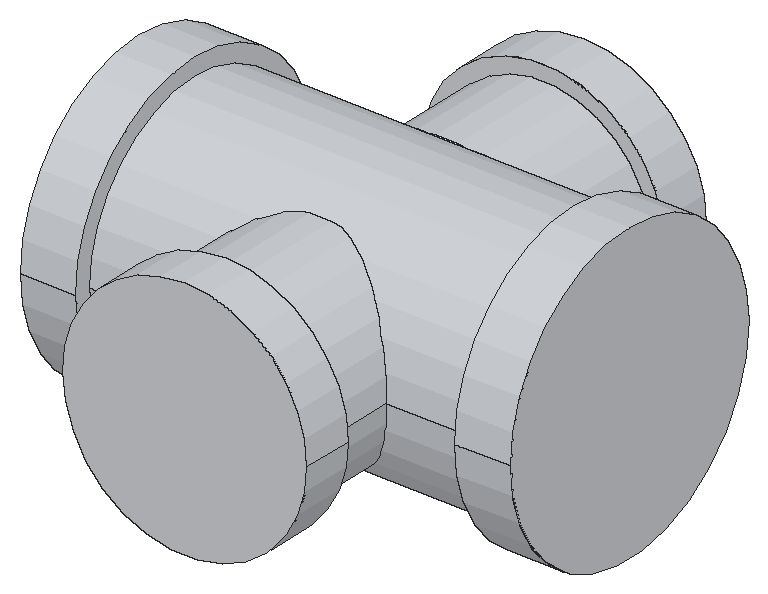
Revit family "变径四通 - 螺纹 - 可锻铸铁 - 150 磅级", category 管件, Revit 2020
Family settings
  圆形连接件大小 = 使用半径
  零件类型 = 四通
  基于工作平面 = 否
  总是垂直 = 是
  加载时剪切的空心 = 否
  共享 = 否
Parameters (values of type "标准")
  默认高程 = 0 mm
  记号尺寸 4 [instance] = 管件外径 4 * 0.4  # 10.656 mm
  记号尺寸 3 [instance] = 管件外径 3 * 0.4  # 10.656 mm
  记号尺寸 2 [instance] = 管件外径 2 * 0.4  # 13.12 mm
  记号尺寸 1 [instance] = 管件外径 1 * 0.4  # 13.12 mm
  最大扎带外半径 12 [instance] = if(扎带外半径 1 > 扎带外半径 2, 扎带外半径 1, 扎带外半径 2)  # 18.5 mm
  公称半径 4 [instance] = 7.5 mm
  公称半径 3 [instance] = 7.5 mm
  公称半径 2 [instance] = 10 mm
  公称半径 1 [instance] = 10 mm
  公称直径 4 [instance] = 公称半径 4 * 2  # 15 mm
  公称直径 3 [instance] = 公称半径 3 * 2  # 15 mm
  公称直径 2 [instance] = 公称半径 2 * 2  # 20 mm
  公称直径 1 [instance] = 公称半径 1 * 2  # 20 mm
  金属厚度 4 [instance] = size_lookup(查找表格名, "MThk", 0.04 * 公称直径 4 + 2.183 mm, 公称直径 4)  # 2.67 mm
  金属厚度 3 [instance] = size_lookup(查找表格名, "MThk", 0.04 * 公称直径 3 + 2.183 mm, 公称直径 3)  # 2.67 mm
  金属厚度 2 [instance] = size_lookup(查找表格名, "MThk", 0.04 * 公称直径 2 + 2.183 mm, 公称直径 2)  # 3.05 mm
  金属厚度 1 [instance] = size_lookup(查找表格名, "MThk", 0.04 * 公称直径 1 + 2.183 mm, 公称直径 1)  # 3.05 mm
  查找表格名 = "M_Cross Reducing - Threaded - MI - Class 150"
  长度 2 [instance] = 长度标签 3 - 扎带宽度 4  # 24.7 mm
  长度 1 [instance] = 长度标签 2 - 扎带宽度 3  # 24.7 mm
  长度标签 3 [instance] = if(not(角度 2 = 90.00°), if(not(中心到端点 2 < C4 长度 4), 中心到端点 2, C4 长度 4), 中心到端点 2)  # 31 mm
  长度标签 2 [instance] = if(not(角度 1 = 90.00°), if(not(中心到端点 2 < C3 长度 4), 中心到端点 2, C3 长度 4), 中心到端点 2)  # 31 mm
  长度标签 1 [instance] = if(or(not(角度 1 = 90.00°), not(角度 2 = 90.00°)), if(not(中心到端点 1 < C1 长度 9), 中心到端点 1, C1 长度 9), 中心到端点 1)  # 30.5 mm
  C4 长度 4 [instance] = if(角度 2 < 90.00°, C4 长度 1, if(角度 2 = 90.00°, C4 长度 2, C4 长度 3))  # 37.3 mm
  C4 长度 3 [instance] = if(角度 2 > 90.00°, 最大扎带外半径 12 / sin(180.00° - 角度 2) + 扎带外半径 4 / tan(180.00° - 角度 2), 0 mm) + 扎带宽度 4  # 6.3 mm
  C4 长度 2 [instance] = if(角度 2 = 90.00°, 中心到端点 2, 0 mm) + 扎带宽度 4  # 37.3 mm
  C4 长度 1 [instance] = if(角度 2 < 90.00°, 最大扎带外半径 12 / sin(角度 2) + 扎带外半径 4 / tan(角度 2), 0 mm) + 扎带宽度 4  # 6.3 mm
  C3 长度 4 [instance] = if(角度 1 < 90.00°, C3 长度 1, if(角度 1 = 90.00°, C3 长度 2, C3 长度 3))  # 37.3 mm
  C3 长度 3 [instance] = if(角度 1 > 90.00°, 最大扎带外半径 12 / sin(180.00° - 角度 1) + 扎带外半径 3 / tan(180.00° - 角度 1), 0 mm) + 扎带宽度 3  # 6.3 mm
  C3 长度 2 [instance] = if(角度 1 = 90.00°, 中心到端点 2, 0 mm) + 扎带宽度 3  # 37.3 mm
  C3 长度 1 [instance] = if(角度 1 < 90.00°, 最大扎带外半径 12 / sin(角度 1) + 扎带外半径 3 / tan(角度 1), 0 mm) + 扎带宽度 3  # 6.3 mm
  C1 长度 9 [instance] = if(C1 长度 8 > C1 长度 4, C1 长度 8, C1 长度 4)  # 37.4 mm
  C1 长度 8 [instance] = if(角度 2 < 90.00°, C1 长度 5, if(角度 2 = 90.00°, C1 长度 6, C1 长度 7))  # 37.4 mm
  C1 长度 7 [instance] = if(角度 2 > 90.00°, 最大扎带外半径 12 / tan(180.00° - 角度 2) + 扎带外半径 4 / sin(180.00° - 角度 2), 0 mm) + 最大扎带宽度 12  # 6.9 mm
  C1 长度 6 [instance] = if(角度 2 = 90.00°, 中心到端点 1, 0 mm) + 最大扎带宽度 12  # 37.4 mm
  C1 长度 5 [instance] = if(角度 2 < 90.00°, 最大扎带外半径 12 / tan(角度 2) + 扎带外半径 4 / sin(角度 2), 0 mm) + 最大扎带宽度 12  # 6.9 mm
  C1 长度 4 [instance] = if(角度 1 < 90.00°, C1 长度 1, if(角度 1 = 90.00°, C1 长度 2, C1 长度 3))  # 37.4 mm
  C1 长度 3 [instance] = if(角度 1 > 90.00°, 最大扎带外半径 12 / tan(180.00° - 角度 1) + 扎带外半径 3 / sin(180.00° - 角度 1), 0 mm) + 最大扎带宽度 12  # 6.9 mm
  C1 长度 2 [instance] = if(角度 1 = 90.00°, 中心到端点 1, 0 mm) + 最大扎带宽度 12  # 37.4 mm
  C1 长度 1 [instance] = if(角度 1 < 90.00°, 最大扎带外半径 12 / tan(角度 1) + 扎带外半径 3 / sin(角度 1), 0 mm) + 最大扎带宽度 12  # 6.9 mm
  管件外半径 4 [instance] = 管件外径 4 / 2  # 13.32 mm
  管件外半径 3 [instance] = 管件外径 3 / 2  # 13.32 mm
  管件外半径 2 [instance] = 管件外径 2 / 2  # 16.4 mm
  管件外半径 1 [instance] = 管件外径 1 / 2  # 16.4 mm
  管件外径 4 [instance] = 管件内径 4 + 金属厚度 4 * 2  # 26.64 mm
  管件外径 3 [instance] = 管件内径 3 + 金属厚度 3 * 2  # 26.64 mm
  管件外径 2 [instance] = 管件内径 2 + 金属厚度 2 * 2  # 32.8 mm
  管件外径 1 [instance] = 管件内径 1 + 金属厚度 1 * 2  # 32.8 mm
  管件内径 4 [instance] = size_lookup(查找表格名, "FID", 1.08 * 公称直径 4 + 5.159 mm, 公称直径 4)  # 21.3 mm
  管件内径 3 [instance] = size_lookup(查找表格名, "FID", 1.08 * 公称直径 3 + 5.159 mm, 公称直径 3)  # 21.3 mm
  管件内径 2 [instance] = size_lookup(查找表格名, "FID", 1.08 * 公称直径 2 + 5.159 mm, 公称直径 2)  # 26.7 mm
  管件内径 1 [instance] = size_lookup(查找表格名, "FID", 1.08 * 公称直径 1 + 5.159 mm, 公称直径 1)  # 26.7 mm
  最大公称直径 34 [instance] = if(公称直径 3 > 公称直径 4, 公称直径 3, 公称直径 4)  # 15 mm
  最大公称直径 12 [instance] = if(公称直径 1 > 公称直径 2, 公称直径 1, 公称直径 2)  # 20 mm
  中心到端点 2 [instance] = size_lookup(查找表格名, "CtE2", 18.157 mm + 0.55 * 最大公称直径 12 + 0.24 * 最大公称直径 34, 公称直径 1, 公称直径 2, 公称直径 3, 公称直径 4)  # 31 mm
  中心到端点 1 [instance] = size_lookup(查找表格名, "CtE1", 18.157 mm + 0.24 * 最大公称直径 12 + 0.55 * 最大公称直径 34, 公称直径 1, 公称直径 2, 公称直径 3, 公称直径 4)  # 30.5 mm
  最大扎带宽度 12 [instance] = if(扎带宽度 1 > 扎带宽度 2, 扎带宽度 1, 扎带宽度 2)  # 6.9 mm
  扎带宽度 4 [instance] = size_lookup(查找表格名, "BWid", 0.12 * 公称直径 4 + 4.465 mm, 公称直径 4)  # 6.3 mm
  扎带宽度 3 [instance] = size_lookup(查找表格名, "BWid", 0.12 * 公称直径 3 + 4.465 mm, 公称直径 3)  # 6.3 mm
  扎带宽度 2 [instance] = size_lookup(查找表格名, "BWid", 0.12 * 公称直径 2 + 4.465 mm, 公称直径 2)  # 6.9 mm
  扎带宽度 1 [instance] = size_lookup(查找表格名, "BWid", 0.12 * 公称直径 1 + 4.465 mm, 公称直径 1)  # 6.9 mm
  扎带外半径 4 [instance] = 扎带外径 4 / 2  # 15.2 mm
  扎带外半径 3 [instance] = 扎带外径 3 / 2  # 15.2 mm
  扎带外半径 2 [instance] = 扎带外径 2 / 2  # 18.5 mm
  扎带外半径 1 [instance] = 扎带外径 1 / 2  # 18.5 mm
  扎带外径 4 [instance] = size_lookup(查找表格名, "BOD", 1.23 * 公称直径 4 + 12.402 mm, 公称直径 4)  # 30.4 mm
  扎带外径 3 [instance] = size_lookup(查找表格名, "BOD", 1.23 * 公称直径 3 + 12.402 mm, 公称直径 3)  # 30.4 mm
  扎带外径 2 [instance] = size_lookup(查找表格名, "BOD", 1.23 * 公称直径 2 + 12.402 mm, 公称直径 2)  # 37 mm
  扎带外径 1 [instance] = size_lookup(查找表格名, "BOD", 1.23 * 公称直径 1 + 12.402 mm, 公称直径 1)  # 37 mm
  角度 2 [instance] = 90.00°
  角度 1 [instance] = 90.00°
Reference planes
  plane 1 "中心(前/后)": y = 0
  plane 2: z = 0
  plane 3 "中心(左/右)": x = 0
  plane 4: x = -30.5
  plane 5: x = 30.5
  plane 6: x = -23.6
  plane 7: x = 23.6
  plane 8: y = 13.12
  plane 9: y = -13.12
  plane 10: y = 13.12
  plane 11: y = -13.12
Forms (mm)
  Blend 1, solid, detail levels fine
    base sketch origin (0, 0, 0) x (0, 1, 0) y (0, 0, 1)
      loop
        circle (0, 0) r 16.4
    top sketch origin (0, 0, 0) x (0, 1, 0) y (0, 0, 1)
      loop
        circle (0, 0) r 16.4
    from -23.6 to 23.6
  Sweep 2, solid, detail levels fine
    path in 3D
      loop
        line (-30.5, 0, 0) -> (-23.6, 0, 0)
    profile origin (-27.05, 0, 0) x (0, 1, 0) y (0, 0, 1)
      loop
        circle (0, 0) r 18.5
  Sweep 3, solid, detail levels fine
    path in 3D
      loop
        line (23.6, 0, 0) -> (30.5, 0, 0)
    profile origin (27.05, 0, 0) x (0, 1, 0) y (0, 0, 1)
      loop
        circle (0, 0) r 18.5
  Sweep 4, solid, detail levels fine
    path in 3D
      loop
        line (0, 0, 0) -> (0, -24.7, 0)
    profile origin (0, -12.35, 0) x (1, 0, 0) y (0, 0, 1)
      loop
        circle (0, 0) r 13.32
  Sweep 5, solid, detail levels fine
    path in 3D
      loop
        line (0, -24.7, 0) -> (0, -31, 0)
    profile origin (0, -27.85, 0) x (1, 0, 0) y (0, 0, 1)
      loop
        circle (0, 0) r 15.2
  Sweep 6, solid, detail levels fine
    path in 3D
      loop
        line (0, 0, 0) -> (0, 24.7, 0)
    profile origin (0, 12.35, 0) x (-1, 0, 0) y (0, 0, 1)
      loop
        circle (0, 0) r 13.32
  Sweep 7, solid, detail levels fine
    path in 3D
      loop
        line (0, 24.7, 0) -> (0, 31, 0)
    profile origin (0, 27.85, 0) x (-1, 0, 0) y (0, 0, 1)
      loop
        circle (0, 0) r 15.2
Cuts and joins
  joined: Blend 1, Sweep 2, Sweep 3, Sweep 4, Sweep 5, Sweep 6, Sweep 7
Lines and regions (mm)
  model lines, detail levels coarse+medium
    curve 1: line (-30.5, 0, 0) -> (-23.6, 0, 0)
    curve 2: line (23.6, 0, 0) -> (30.5, 0, 0)
    curve 3: line (-23.6, 0, 0) -> (23.6, 0, 0)
    curve 6: line (0, 0, 0) -> (0, -24.7, 0)
    curve 8: line (0, -24.7, 0) -> (0, -31, 0)
    curve 10: line (0, 0, 0) -> (0, 24.7, 0)
    curve 12: line (0, 24.7, 0) -> (0, 31, 0)
    curve 16: line (-30.5, 13.12, 0) -> (-30.5, -13.12, 0)
    curve 17: line (30.5, 13.12, 0) -> (30.5, -13.12, 0)
    curve 18: line (0, -31, 0) -> (10.656, -31, 0)
    curve 19: line (0, -31, 0) -> (-10.656, -31, 0)
    curve 20: line (0, 31, 0) -> (10.656, 31, 0)
    curve 21: line (0, 31, 0) -> (-10.656, 31, 0)
  sketch lines
    curve 4: line (-30.5, 0, 0) -> (-23.6, 0, 0)
    curve 5: line (23.6, 0, 0) -> (30.5, 0, 0)
    curve 7: line (0, 0, 0) -> (0, -24.7, 0)
    curve 9: line (0, -24.7, 0) -> (0, -31, 0)
    curve 11: line (0, 0, 0) -> (0, 24.7, 0)
    curve 13: line (0, 24.7, 0) -> (0, 31, 0)
  reference lines
    curve 14: line (-30.5, 0, 0) -> (-23.6, 0, 0)
    curve 15: line (23.6, 0, 0) -> (30.5, 0, 0)
    curve 22: line (0, 0, 0) -> (0, 31, 0)
    curve 23: line (0, 31, 0) -> (0, 24.7, 0)
    curve 24: line (0, 0, 0) -> (0, -31, 0)
    curve 25: line (0, -31, 0) -> (0, -24.7, 0)
Dimensions and locks
  "扎带宽度 1": plane 4 to plane 6
  "扎带宽度 2": plane 7 to plane 5
  "长度标签 1": plane 4 to plane 3 "中心(左/右)"
  "长度标签 1": plane 3 "中心(左/右)" to plane 5
  "长度 1": curve 6 to curve 6
  "扎带宽度 3": curve 8 to curve 8
  "长度 2": curve 10 to curve 10
  "扎带宽度 4": curve 12 to curve 12
  "记号尺寸 3": curve 18 to curve 18
  "记号尺寸 3": curve 19 to curve 19
  "记号尺寸 4": curve 20 to curve 20
  "记号尺寸 4": curve 21 to curve 21
  "记号尺寸 2": plane 10 to plane 1 "中心(前/后)"
  "记号尺寸 2": plane 1 "中心(前/后)" to plane 11
  "记号尺寸 1": plane 8 to plane 1 "中心(前/后)"
  "记号尺寸 1": plane 1 "中心(前/后)" to plane 9
  "长度标签 3": curve 22 to curve 22
  "长度标签 2": curve 24 to curve 24
  "管件外半径 1": radius of Blend 1 sketch curve
  "管件外半径 2": radius of Blend 1 sketch curve
  "扎带外半径 1": radius of Sweep 2 sketch curve
  "扎带外半径 2": radius of Sweep 3 sketch curve
  "管件外半径 3": radius of Sweep 4 sketch curve
  "扎带外半径 3": radius of Sweep 5 sketch curve
  "管件外半径 4": radius of Sweep 6 sketch curve
  "扎带外半径 4": radius of Sweep 7 sketch curve
  "角度 1": angle curve 6 to plane 1 "中心(前/后)"
  "角度 1": angle curve 8 to plane 1 "中心(前/后)"
  "角度 2": angle plane 1 "中心(前/后)" to curve 10
  "角度 2": angle plane 1 "中心(前/后)" to curve 12
  locked: curve 18 to curve 8 (angle 90.00°)
  locked: curve 8 to curve 19 (angle 90.00°)
  locked: curve 12 to curve 20 (angle 90.00°)
  locked: curve 21 to curve 12 (angle 90.00°)
  "角度 2": angle plane 1 "中心(前/后)" to curve 22
  "角度 2": angle plane 1 "中心(前/后)" to curve 23
  "角度 1": angle curve 24 to plane 1 "中心(前/后)"
  "角度 1": angle curve 25 to plane 1 "中心(前/后)"
  aligned and locked: plane 4 to curve 1
  aligned and locked: plane 1 "中心(前/后)" to curve 1
  aligned and locked: plane 5 to curve 2
  aligned and locked: plane 6 to curve 3
  aligned and locked: plane 7 to curve 3
  aligned and locked: plane 1 "中心(前/后)" to curve 3
  aligned and locked: plane 2 to Blend 1 sketch curve  (x2)
  aligned and locked: plane 1 "中心(前/后)" to Blend 1 sketch curve  (x2)
  aligned and locked: Blend 1 to plane 6
  aligned and locked: plane 7 to Blend 1
  aligned and locked: plane 3 "中心(左/右)" to curve 6
  aligned and locked: plane 1 "中心(前/后)" to curve 10
  aligned and locked: plane 3 "中心(左/右)" to curve 10
  aligned and locked: plane 4 to curve 14
  aligned and locked: plane 1 "中心(前/后)" to curve 14
  aligned and locked: plane 5 to curve 15
  aligned and locked: plane 1 "中心(前/后)" to curve 15
  aligned and locked: plane 8 to curve 16
  aligned and locked: curve 16 to plane 9
  aligned and locked: curve 16 to plane 4
  aligned and locked: plane 10 to curve 17
  aligned and locked: plane 11 to curve 17
  aligned and locked: curve 17 to plane 5
  aligned and locked: plane 1 "中心(前/后)" to curve 24
  aligned and locked: plane 3 "中心(左/右)" to curve 24
Automatic sketch dimensions
  Sweep 2 sketch curve to profile plane = 0 mm  (x2)
  Sweep 3 sketch curve to profile plane = 0 mm  (x2)
  Sweep 4 sketch curve to profile plane = 0 mm  (x2)
  Sweep 5 sketch curve to profile plane = 0 mm  (x2)
  Sweep 6 sketch curve to profile plane = 0 mm  (x2)
  Sweep 7 sketch curve to profile plane = 0 mm  (x2)
  curve 14 to plane 6 = 0 mm
  curve 15 to plane 7 = 0 mm
Connectors
  piping at (-30.5, 0, 0), diameter 20, driven by "公称半径 1"
    settings: on cut or joined group of Blend 1, Sweep 2, Sweep 3, Sweep 4, Sweep 5, Sweep 6, Sweep 7, index 1, connector inside diameter 20 mm, connector length 0 mm, flow factor 0, pipe flow 0.0 L/s, pressure drop 0.0 Pa, fitting loss kfactor 0, connector angle 0.00°, fixture units 0, engagement length 0 mm, angle of deflection 0.00°, flow configuration 0, flow direction 0, fitting loss method 0, system type 28, joint type 0, gender type 0, connector reference index 2, connector utility 0, adjustable connector no, is connector primary yes, connector description ""
  piping at (30.5, 0, 0), diameter 20, driven by "公称半径 2"
    settings: on cut or joined group of Blend 1, Sweep 2, Sweep 3, Sweep 4, Sweep 5, Sweep 6, Sweep 7, index 2, connector inside diameter 20 mm, connector length 0 mm, flow factor 0, pipe flow 0.0 L/s, pressure drop 0.0 Pa, fitting loss kfactor 0, connector angle 0.00°, fixture units 0, engagement length 0 mm, angle of deflection 0.00°, flow configuration 0, flow direction 0, fitting loss method 0, system type 28, joint type 0, gender type 0, connector reference index 1, connector utility 0, adjustable connector no, is connector primary no, connector description ""
  piping at (0, -31, 0), diameter 15, driven by "公称半径 3", driven by "角度 1"
    settings: on cut or joined group of Blend 1, Sweep 2, Sweep 3, Sweep 4, Sweep 5, Sweep 6, Sweep 7, index 3, connector inside diameter 15 mm, connector length 0 mm, flow factor 0, pipe flow 0.0 L/s, pressure drop 0.0 Pa, fitting loss kfactor 0, connector angle 90.00°, fixture units 0, engagement length 0 mm, angle of deflection 0.00°, flow configuration 0, flow direction 0, fitting loss method 0, system type 28, joint type 0, gender type 0, connector reference index 4, connector utility 0, adjustable connector no, is connector primary no, connector description ""
  piping at (0, 31, 0), diameter 15, driven by "公称半径 4", driven by "角度 2"
    settings: on cut or joined group of Blend 1, Sweep 2, Sweep 3, Sweep 4, Sweep 5, Sweep 6, Sweep 7, index 4, connector inside diameter 15 mm, connector length 0 mm, flow factor 0, pipe flow 0.0 L/s, pressure drop 0.0 Pa, fitting loss kfactor 0, connector angle 90.00°, fixture units 0, engagement length 0 mm, angle of deflection 0.00°, flow configuration 0, flow direction 0, fitting loss method 0, system type 28, joint type 0, gender type 0, connector reference index 3, connector utility 0, adjustable connector no, is connector primary no, connector description ""
